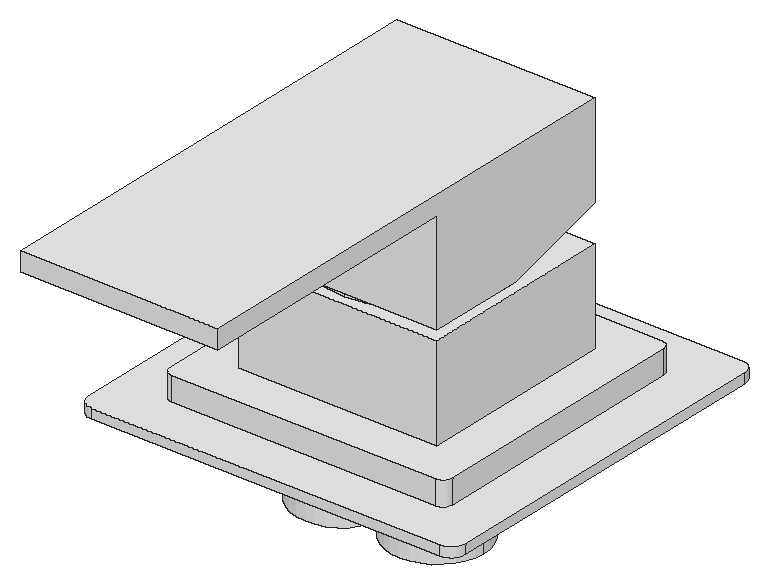
Revit family "Mixer-Bath Shower-Caroma Quatro Solid1", category Plumbing Fixtures, host Face, Revit 2013
Parameters (values of type "Standard")
  Waste Connection = no
  Vent Connection = no
  URL = "http://www.caroma.com.au/"
  Type Comments = "Caroma Quatro Solid Bath/Shower Mixer"  # constant formula
  Model = "90719C"  # constant formula
  Material_ANZRS = Metal-Chrome-Caroma
  Manufacturer = "GWA Bathrooms & Kitchens"  # constant formula
  HWFU = 2  # constant formula
  HW Connection = yes
  Description = ""
  Default Elevation = 1000 mm
  CreatedBy_ANZRS = "Design Content"  # constant formula
  CreatedByURL_ANZRS = "www.designcontent.com.au"
  Cost = 0
  Connector Radius = 10 mm
  CWFU = 2  # constant formula
  CW Connection = yes
  Assembly Code = "C1030210"
Reference planes
  plane 1 "Center (Front/Back)": y = 0
  plane 2: z = 0
  plane 3 "Center (Left/Right)": x = 0
  plane 4 "Top": y = 40
  plane 5 "Bottom": y = -40
  plane 6 "Left": x = -40
  plane 7 "Right": x = 40
Forms (mm)
  Extrusion 1, void
    sketch origin (0, 2.5, -112.5) x (0, 1, 0) y (0, 0, 1)
      loop
        line (-7.199, 140.225) -> (22.235, 140.225) -> (22.235, 148.214) -> (-7.199, 140.225)
    from -50 to 50
  Extrusion 2, solid, material "Metal-Chrome-Caroma" <- "Material_ANZRS"
    sketch origin (17.071, 0, 0) x (1, 0, 0) y (0, 1, 0)
      loop
        circle (-7.071, -7.071) r 10
    from -20 to 0
  Extrusion 3, solid, material "Metal-Chrome-Caroma" <- "Material_ANZRS"
    sketch origin (-17.071, -14.142, 0) x (-1, 0, 0) y (0, -1, 0)
      loop
        circle (-7.071, -7.071) r 10
    from -20 to 0
  Extrusion 4, solid, material "Metal-Chrome-Caroma" <- "Material_ANZRS"
    sketch origin (0, 0, -233.5) x (1, 0, 0) y (0, 1, 0)
      loop
        line (21, -78.994) -> (21, -21) -> (-21, -21) -> (-21, -78.994) -> (21, -78.994)
    from 284.2 to 288.2
  Extrusion 5, solid, material "Metal-Chrome-Caroma" <- "Material_ANZRS"
    sketch origin (0, 0, 0) x (1, 0, 0) y (0, 1, 0)
      loop
        arc (-28.028, 30) -> (-29.422, 29.422) -> (-30, 28.028) r 1.972
        line (-30, 28.028) -> (-30, -28)
        arc (-30, -28) -> (-29.414, -29.414) -> (-28, -30) r 2
        line (-28, -30) -> (28, -30)
        arc (28, -30) -> (29.414, -29.414) -> (30, -28) r 2
        line (30, -28) -> (30, 28)
        arc (30, 28) -> (29.414, 29.414) -> (28, 30) r 2
        line (28, 30) -> (-28.028, 30)
    from 0 to 7
  Extrusion 6, solid, material "Metal-Chrome-Caroma" <- "Material_ANZRS"
    sketch origin (0, 0, 0) x (1, 0, 0) y (0, 1, 0)
      loop
        line (-21, 21) -> (-21, -21) -> (21, -21) -> (21, 21) -> (-21, 21)
    from 7 to 27
  Extrusion 7, solid, material "Metal-Chrome-Caroma" <- "Material_ANZRS"
    sketch origin (0, 0, -233.5) x (1, 0, 0) y (0, 1, 0)
      loop
        line (21, 21) -> (-21, 21) -> (-21, -21) -> (21, -21) -> (21, 21)
    from 262.5 to 288.2
  Revolve 8, solid, material "Metal-Chrome-Caroma" <- "Material_ANZRS", detail levels fine
    sketch origin (0, 0, -233.5) x (0, 1, 0) y (0, 0, 1)
      loop
        line (-21, 274.284) -> (-21, 278.776)
        arc (-21, 278.776) -> (-21.757, 278.721) -> (-22.273, 278.164) r 1.034
        arc (-22.273, 278.164) -> (-22.817, 276.258) -> (-23, 274.284) r 10.71
        line (-23, 274.284) -> (-21, 274.284)
      axis (-23, 274.284) -> (-21, 274.284)
    angle from 0 to 360
  Revolve 9, solid, material "Metal-Chrome-Caroma" <- "Material_ANZRS"
    sketch origin (0, 0, -233.5) x (0, 1, 0) y (0, 0, 1)
      loop
        arc (18.995, 260.5) -> (17.363, 268.413) -> (12.735, 275.035) r 20.004
        line (12.735, 275.035) -> (0, 275.035) -> (0, 260.5) -> (18.995, 260.5)
      axis (0, 275.035) -> (0, 260.5)
    angle from 0 to 360
  Extrusion 10, solid, material "Metal-Chrome-Caroma" <- "Material_ANZRS"
    sketch origin (45, 0, 0) x (1, 0, 0) y (0, 1, 0)
      loop
        arc (-82, 40) -> (-84.121, 39.121) -> (-85, 37) r 3
        line (-85, 37) -> (-85, -37)
        arc (-85, -37) -> (-84.121, -39.121) -> (-82, -40) r 3
        line (-82, -40) -> (-8, -40)
        arc (-8, -40) -> (-5.879, -39.121) -> (-5, -37) r 3
        line (-5, -37) -> (-5, 37)
        arc (-5, 37) -> (-5.879, 39.121) -> (-8, 40) r 3
        line (-8, 40) -> (-82, 40)
    from 0 to 2
  Extrusion 11, solid, material "Metal-Chrome-Caroma" <- "Material_ANZRS"
    sketch origin (-7.071, 3.358, 0) x (-1, 0, 0) y (0, -1, 0)
      loop
        circle (-7.071, -7.071) r 10
    from -20 to 0
Cuts and joins
  Extrusion 1 cuts Extrusion 7
  joined: Extrusion 4, Extrusion 5, Extrusion 6, Extrusion 7, Revolve 9, Extrusion 10
Lines and regions (mm)
  Masking region 1
    outline origin (0, 0, 0) x (1, 0, 0) y (0, 1, 0)
      loop
        arc (-37, 40) -> (-39.121, 39.121) -> (-40, 37) r 3
        line (-40, 37) -> (-40, -37)
        arc (-40, -37) -> (-39.121, -39.121) -> (-37, -40) r 3
        line (-37, -40) -> (-21, -40) -> (-21, -78.994) -> (21, -78.994) -> (21, -40) -> (37, -40)
        arc (37, -40) -> (39.121, -39.121) -> (40, -37) r 3
        line (40, -37) -> (40, 37)
        arc (40, 37) -> (39.121, 39.121) -> (37, 40) r 3
        line (37, 40) -> (-37, 40)
  Masking region 2
    outline origin (0, 0, 0) x (1, 0, 0) y (0, 0, 1)
      loop
        line (40, 0) -> (40, 2) -> (30, 2) -> (30, 7) -> (21, 7) -> (21, 27) -> (18.995, 27) -> (18.894, 29) -> (21, 29) -> (21, 54.7) -> (-21, 54.7) -> (-21, 29) -> (-18.894, 29) -> (-18.995, 27) -> (-21, 27) -> (-21, 7) -> (-30, 7) -> (-30, 2) -> (-40, 2) -> (-40, 0) -> (40, 0)
  symbolic lines
    curve 1: line (-30, 28.028, 0) -> (-30, -28, 0)
    curve 2: arc (-28.028, 30, 0) -> (-29.422, 29.422, 0) -> (-30, 28.028, 0) r 1.972
    curve 3: line (28, 30, 0) -> (-28.028, 30, 0)
    curve 4: arc (30, 28, 0) -> (29.414, 29.414, 0) -> (28, 30, 0) r 2
    curve 5: line (30, -28, 0) -> (30, 28, 0)
    curve 6: arc (28, -30, 0) -> (29.414, -29.414, 0) -> (30, -28, 0) r 2
    curve 7: line (-28, -30, 0) -> (-21, -30, 0)
    curve 8: arc (-30, -28, 0) -> (-29.414, -29.414, 0) -> (-28, -30, 0) r 2
    curve 9: line (-21, 21, 0) -> (-21, -78.994, 0)
    curve 10: line (21, 21, 0) -> (-21, 21, 0)
    curve 11: line (21, -78.994, 0) -> (21, 21, 0)
    curve 12: line (-21, -78.994, 0) -> (21, -78.994, 0)
    curve 13: line (21, -30, 0) -> (28, -30, 0)
    curve 14: line (30, 0, 7) -> (-30, 0, 7)
    curve 15: line (40, 0, 2) -> (-40, 0, 2)
    curve 16: line (21, 0, 27) -> (-21, 0, 27)
    curve 17: line (-21, 0, 34.7) -> (21, 0, 34.7)
    curve 18: line (18.894, 0, 29) -> (18.995, 0, 27)
    curve 19: line (-18.894, 0, 29) -> (-18.995, 0, 27)
    curve 20: spline (18.893, 0, 29) -> (18.675, 0, 29.635) -> (18.148, 0, 30.257) -> (17.32, 0, 30.856) -> (16.205, 0, 31.423) -> (14.823, 0, 31.947) -> (13.194, 0, 32.421) -> (11.347, 0, 32.836) -> (9.312, 0, 33.185) -> (7.123, 0, 33.463) -> (4.815, 0, 33.665) -> (2.428, 0, 33.788) -> (0, 0, 33.83)
    curve 21: spline (0, 0, 33.83) -> (-2.428, 0, 33.788) -> (-4.815, 0, 33.665) -> (-7.123, 0, 33.463) -> (-9.312, 0, 33.185) -> (-11.347, 0, 32.836) -> (-13.194, 0, 32.421) -> (-14.823, 0, 31.947) -> (-16.205, 0, 31.423) -> (-17.32, 0, 30.856) -> (-18.148, 0, 30.257) -> (-18.675, 0, 29.635) -> (-18.893, 0, 29)
Dimensions and locks
  aligned and locked: plane 2 to host face
  aligned and locked: level to host face
Connectors
  piping at (10, -7.071, -20), driven by "Connector Radius", driven by "CWFU"
    settings: on Extrusion 2, index 3, connector radius 0.3937", flow factor 0, pipe flow 0 GPM, pressure drop 0.00 psi, fitting loss kfactor 0, connector angle 0.00°, fixture units 2, engagement length 0 mm, flow configuration 3, flow direction 1, fitting loss method 1, system type 20, joint type 0, gender type 0, connector reference index -1, connector utility 0, adjustable connector no, is connector primary yes, fitting loss table "Inward Projecting Pipe", connector description "Cold Inlet"
  piping at (-10, -7.071, -20), driven by "Connector Radius", driven by "HWFU"
    settings: on Extrusion 3, index 4, connector radius 0.3937", flow factor 0, pipe flow 0 GPM, pressure drop 0.00 psi, fitting loss kfactor 0, connector angle 0.00°, fixture units 2, engagement length 0 mm, flow configuration 3, flow direction 1, fitting loss method 1, system type 19, joint type 0, gender type 0, connector reference index -1, connector utility 0, adjustable connector no, is connector primary no, fitting loss table "Inward Projecting Pipe", connector description "Hot Inlet"
  piping at (0, 10.429, -20), driven by "HWFU", driven by "Connector Radius"
    settings: on Extrusion 11, index 5, connector radius 0.3937", flow factor 0, pipe flow 0 GPM, pressure drop 0.00 psi, fitting loss kfactor 0, connector angle 0.00°, fixture units 2, engagement length 0 mm, flow configuration 3, flow direction 2, fitting loss method 1, system type 19, joint type 0, gender type 0, connector reference index -1, connector utility 0, adjustable connector no, is connector primary no, fitting loss table "Inward Projecting Pipe", connector description "Outlet"
